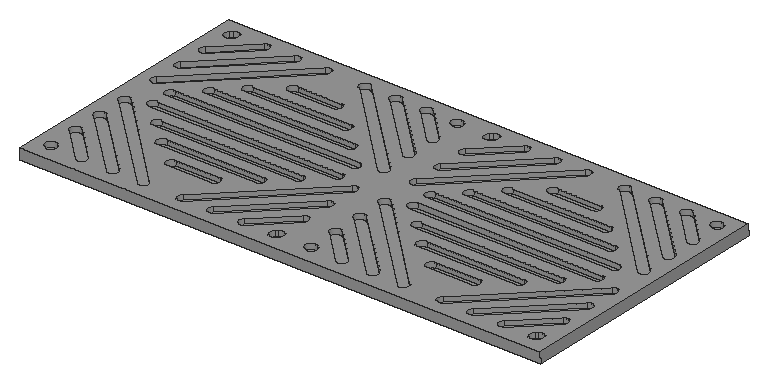
Revit family "dBA - 1 inch - Ceiling and Wall Panels 24x48", category Generic Models, Revit 2016
Family settings
  Part Type = Normal
  Can host rebar = No
  Round Connector Dimension = Use Diameter
  Work Plane-Based = Yes
  Always vertical = No
  Cut with Voids When Loaded = No
  Shared = No
  Room Calculation Point = No
Parameters (values of type "Charcoal")
  URL = "https://www.acousticalsurfaces.com/sound-silencer/dba-ceiling-wall-panel/"
  Material = "Sound Silencer dBA"
  Manufacturer = "Acoustical Surfaces, Inc."
  Finish = dBA - Charcoal
  Default Elevation = 4' - 0"
Types (2): name | Finish
  Charcoal | dBA - Charcoal
  White | dBA - White
Reference planes (in)
  plane 1 "Center (Front/Back)": y = 0
  plane 2: z = 0
  plane 3 "Center (Left/Right)": x = 0
Forms (in)
  Extrusion 1, solid, material "dBA - Charcoal" <- "Finish"
    sketch origin (-12, 0, 0) x (1, 0, 0) y (0, 1, 0)
      loop
        line (12, 12) -> (-12, 12) -> (-12, -12) -> (12, -12) -> (12, 12)
    from 0 to 0.5625
  Extrusion 2, solid, material "dBA - Charcoal" <- "Finish"
    sketch origin (-12, 0, 0.5625) x (1, 0, 0) y (0, 1, 0)
      loop
        line (12, 12) -> (-12, 12) -> (-12, -12) -> (12, -12) -> (12, 12)
      loop
        arc (-10.14645, -9.96967) -> (-10.85355, -9.96967) -> (-10.85355, -10.67678) r 0.5
        line (-10.85355, -10.67678) -> (-10.67678, -10.85355)
        arc (-10.67678, -10.85355) -> (-9.96967, -10.85355) -> (-9.96967, -10.14645) r 0.5
        line (-9.96967, -10.14645) -> (-10.14645, -9.96967)
      loop
        arc (-7.84835, -10.85355) -> (-7.14124, -10.85355) -> (-7.14124, -10.14645) r 0.5
        line (-7.14124, -10.14645) -> (-10.14645, -7.14124)
        arc (-10.14645, -7.14124) -> (-10.85355, -7.14124) -> (-10.85355, -7.84835) r 0.5
        line (-10.85355, -7.84835) -> (-7.84835, -10.85355)
      loop
        arc (-5.01992, -10.85355) -> (-4.31282, -10.85355) -> (-4.31282, -10.14645) r 0.5
        line (-4.31282, -10.14645) -> (-10.14645, -4.31282)
        arc (-10.14645, -4.31282) -> (-10.85355, -4.31282) -> (-10.85355, -5.01992) r 0.5
        line (-10.85355, -5.01992) -> (-5.01992, -10.85355)
      loop
        arc (-2.1915, -10.85355) -> (-1.48439, -10.85355) -> (-1.48439, -10.14645) r 0.5
        line (-1.48439, -10.14645) -> (-10.14645, -1.48439)
        arc (-10.14645, -1.48439) -> (-10.85355, -1.48439) -> (-10.85355, -2.1915) r 0.5
        line (-10.85355, -2.1915) -> (-2.1915, -10.85355)
      loop
        arc (2, -7.5) -> (2.5, -7) -> (2, -6.5) r 0.5
        line (2, -6.5) -> (-2, -6.5)
        arc (-2, -6.5) -> (-2.5, -7) -> (-2, -7.5) r 0.5
        line (-2, -7.5) -> (2, -7.5)
      loop
        arc (4.5, -5.5) -> (5, -5) -> (4.5, -4.5) r 0.5
        line (4.5, -4.5) -> (-4.5, -4.5)
        arc (-4.5, -4.5) -> (-5, -5) -> (-4.5, -5.5) r 0.5
        line (-4.5, -5.5) -> (4.5, -5.5)
      loop
        arc (6.5, -3.5) -> (7, -3) -> (6.5, -2.5) r 0.5
        line (6.5, -2.5) -> (-6.5, -2.5)
        arc (-6.5, -2.5) -> (-7, -3) -> (-6.5, -3.5) r 0.5
        line (-6.5, -3.5) -> (6.5, -3.5)
      loop
        arc (8.5, -1.5) -> (9, -1) -> (8.5, -0.5) r 0.5
        line (8.5, -0.5) -> (-8.5, -0.5)
        arc (-8.5, -0.5) -> (-9, -1) -> (-8.5, -1.5) r 0.5
        line (-8.5, -1.5) -> (8.5, -1.5)
      loop
        arc (8.5, 0.5) -> (9, 1) -> (8.5, 1.5) r 0.5
        line (8.5, 1.5) -> (-8.5, 1.5)
        arc (-8.5, 1.5) -> (-9, 1) -> (-8.5, 0.5) r 0.5
        line (-8.5, 0.5) -> (8.5, 0.5)
      loop
        arc (6.5, 2.5) -> (7, 3) -> (6.5, 3.5) r 0.5
        line (6.5, 3.5) -> (-6.5, 3.5)
        arc (-6.5, 3.5) -> (-7, 3) -> (-6.5, 2.5) r 0.5
        line (-6.5, 2.5) -> (6.5, 2.5)
      loop
        arc (4.5, 4.5) -> (5, 5) -> (4.5, 5.5) r 0.5
        line (4.5, 5.5) -> (-4.5, 5.5)
        arc (-4.5, 5.5) -> (-5, 5) -> (-4.5, 4.5) r 0.5
        line (-4.5, 4.5) -> (4.5, 4.5)
      loop
        line (-2, 6.5) -> (2, 6.5)
        arc (2, 6.5) -> (2.5, 7) -> (2, 7.5) r 0.5
        line (2, 7.5) -> (-2, 7.5)
        arc (-2, 7.5) -> (-2.5, 7) -> (-2, 6.5) r 0.5
      loop
        arc (-1.48439, 10.14645) -> (-1.48439, 10.85355) -> (-2.1915, 10.85355) r 0.5
        line (-2.1915, 10.85355) -> (-10.85355, 2.1915)
        arc (-10.85355, 2.1915) -> (-10.85355, 1.48439) -> (-10.14645, 1.48439) r 0.5
        line (-10.14645, 1.48439) -> (-1.48439, 10.14645)
      loop
        arc (-4.31282, 10.14645) -> (-4.31282, 10.85355) -> (-5.01992, 10.85355) r 0.5
        line (-5.01992, 10.85355) -> (-10.85355, 5.01992)
        arc (-10.85355, 5.01992) -> (-10.85355, 4.31282) -> (-10.14645, 4.31282) r 0.5
        line (-10.14645, 4.31282) -> (-4.31282, 10.14645)
      loop
        arc (-7.14124, 10.14645) -> (-7.14124, 10.85355) -> (-7.84835, 10.85355) r 0.5
        line (-7.84835, 10.85355) -> (-10.85355, 7.84835)
        arc (-10.85355, 7.84835) -> (-10.85355, 7.14124) -> (-10.14645, 7.14124) r 0.5
        line (-10.14645, 7.14124) -> (-7.14124, 10.14645)
      loop
        line (-10.14645, 9.96967) -> (-9.96967, 10.14645)
        arc (-9.96967, 10.14645) -> (-9.96967, 10.85355) -> (-10.67678, 10.85355) r 0.5
        line (-10.67678, 10.85355) -> (-10.85355, 10.67678)
        arc (-10.85355, 10.67678) -> (-10.85355, 9.96967) -> (-10.14645, 9.96967) r 0.5
      loop
        arc (10.14645, 1.48439) -> (10.85355, 1.48439) -> (10.85355, 2.1915) r 0.5
        line (10.85355, 2.1915) -> (2.1915, 10.85355)
        arc (2.1915, 10.85355) -> (1.48439, 10.85355) -> (1.48439, 10.14645) r 0.5
        line (1.48439, 10.14645) -> (10.14645, 1.48439)
      loop
        arc (10.14645, 4.31282) -> (10.85355, 4.31282) -> (10.85355, 5.01992) r 0.5
        line (10.85355, 5.01992) -> (5.01992, 10.85355)
        arc (5.01992, 10.85355) -> (4.31282, 10.85355) -> (4.31282, 10.14645) r 0.5
        line (4.31282, 10.14645) -> (10.14645, 4.31282)
      loop
        arc (10.14645, 7.14124) -> (10.85355, 7.14124) -> (10.85355, 7.84835) r 0.5
        line (10.85355, 7.84835) -> (7.84835, 10.85355)
        arc (7.84835, 10.85355) -> (7.14124, 10.85355) -> (7.14124, 10.14645) r 0.5
        line (7.14124, 10.14645) -> (10.14645, 7.14124)
      loop
        arc (10.14645, 9.96967) -> (10.85355, 9.96967) -> (10.85355, 10.67678) r 0.5
        line (10.85355, 10.67678) -> (10.67678, 10.85355)
        arc (10.67678, 10.85355) -> (9.96967, 10.85355) -> (9.96967, 10.14645) r 0.5
        line (9.96967, 10.14645) -> (10.14645, 9.96967)
      loop
        arc (1.48439, -10.14645) -> (1.48439, -10.85355) -> (2.1915, -10.85355) r 0.5
        line (2.1915, -10.85355) -> (10.85355, -2.1915)
        arc (10.85355, -2.1915) -> (10.85355, -1.48439) -> (10.14645, -1.48439) r 0.5
        line (10.14645, -1.48439) -> (1.48439, -10.14645)
      loop
        arc (4.31282, -10.14645) -> (4.31282, -10.85355) -> (5.01992, -10.85355) r 0.5
        line (5.01992, -10.85355) -> (10.85355, -5.01992)
        arc (10.85355, -5.01992) -> (10.85355, -4.31282) -> (10.14645, -4.31282) r 0.5
        line (10.14645, -4.31282) -> (4.31282, -10.14645)
      loop
        arc (7.14124, -10.14645) -> (7.14124, -10.85355) -> (7.84835, -10.85355) r 0.5
        line (7.84835, -10.85355) -> (10.85355, -7.84835)
        arc (10.85355, -7.84835) -> (10.85355, -7.14124) -> (10.14645, -7.14124) r 0.5
        line (10.14645, -7.14124) -> (7.14124, -10.14645)
      loop
        arc (9.96967, -10.14645) -> (9.96967, -10.85355) -> (10.67678, -10.85355) r 0.5
        line (10.67678, -10.85355) -> (10.85355, -10.67678)
        arc (10.85355, -10.67678) -> (10.85355, -9.96967) -> (10.14645, -9.96967) r 0.5
        line (10.14645, -9.96967) -> (9.96967, -10.14645)
    from 0 to 0.4375
  Extrusion 3, solid, material "dBA - Charcoal" <- "Finish"
    sketch origin (12, 0, 0) x (1, 0, 0) y (0, 1, 0)
      loop
        line (12, 12) -> (-12, 12) -> (-12, -12) -> (12, -12) -> (12, 12)
    from 0 to 0.5625
  Extrusion 4, solid, material "dBA - Charcoal" <- "Finish"
    sketch origin (12, 0, 0.5625) x (1, 0, 0) y (0, 1, 0)
      loop
        line (12, 12) -> (-12, 12) -> (-12, -12) -> (12, -12) -> (12, 12)
      loop
        arc (-10.14645, -9.96967) -> (-10.85355, -9.96967) -> (-10.85355, -10.67678) r 0.5
        line (-10.85355, -10.67678) -> (-10.67678, -10.85355)
        arc (-10.67678, -10.85355) -> (-9.96967, -10.85355) -> (-9.96967, -10.14645) r 0.5
        line (-9.96967, -10.14645) -> (-10.14645, -9.96967)
      loop
        arc (-7.84835, -10.85355) -> (-7.14124, -10.85355) -> (-7.14124, -10.14645) r 0.5
        line (-7.14124, -10.14645) -> (-10.14645, -7.14124)
        arc (-10.14645, -7.14124) -> (-10.85355, -7.14124) -> (-10.85355, -7.84835) r 0.5
        line (-10.85355, -7.84835) -> (-7.84835, -10.85355)
      loop
        arc (-5.01992, -10.85355) -> (-4.31282, -10.85355) -> (-4.31282, -10.14645) r 0.5
        line (-4.31282, -10.14645) -> (-10.14645, -4.31282)
        arc (-10.14645, -4.31282) -> (-10.85355, -4.31282) -> (-10.85355, -5.01992) r 0.5
        line (-10.85355, -5.01992) -> (-5.01992, -10.85355)
      loop
        arc (-2.1915, -10.85355) -> (-1.48439, -10.85355) -> (-1.48439, -10.14645) r 0.5
        line (-1.48439, -10.14645) -> (-10.14645, -1.48439)
        arc (-10.14645, -1.48439) -> (-10.85355, -1.48439) -> (-10.85355, -2.1915) r 0.5
        line (-10.85355, -2.1915) -> (-2.1915, -10.85355)
      loop
        arc (2, -7.5) -> (2.5, -7) -> (2, -6.5) r 0.5
        line (2, -6.5) -> (-2, -6.5)
        arc (-2, -6.5) -> (-2.5, -7) -> (-2, -7.5) r 0.5
        line (-2, -7.5) -> (2, -7.5)
      loop
        arc (4.5, -5.5) -> (5, -5) -> (4.5, -4.5) r 0.5
        line (4.5, -4.5) -> (-4.5, -4.5)
        arc (-4.5, -4.5) -> (-5, -5) -> (-4.5, -5.5) r 0.5
        line (-4.5, -5.5) -> (4.5, -5.5)
      loop
        arc (6.5, -3.5) -> (7, -3) -> (6.5, -2.5) r 0.5
        line (6.5, -2.5) -> (-6.5, -2.5)
        arc (-6.5, -2.5) -> (-7, -3) -> (-6.5, -3.5) r 0.5
        line (-6.5, -3.5) -> (6.5, -3.5)
      loop
        arc (8.5, -1.5) -> (9, -1) -> (8.5, -0.5) r 0.5
        line (8.5, -0.5) -> (-8.5, -0.5)
        arc (-8.5, -0.5) -> (-9, -1) -> (-8.5, -1.5) r 0.5
        line (-8.5, -1.5) -> (8.5, -1.5)
      loop
        arc (8.5, 0.5) -> (9, 1) -> (8.5, 1.5) r 0.5
        line (8.5, 1.5) -> (-8.5, 1.5)
        arc (-8.5, 1.5) -> (-9, 1) -> (-8.5, 0.5) r 0.5
        line (-8.5, 0.5) -> (8.5, 0.5)
      loop
        arc (6.5, 2.5) -> (7, 3) -> (6.5, 3.5) r 0.5
        line (6.5, 3.5) -> (-6.5, 3.5)
        arc (-6.5, 3.5) -> (-7, 3) -> (-6.5, 2.5) r 0.5
        line (-6.5, 2.5) -> (6.5, 2.5)
      loop
        arc (4.5, 4.5) -> (5, 5) -> (4.5, 5.5) r 0.5
        line (4.5, 5.5) -> (-4.5, 5.5)
        arc (-4.5, 5.5) -> (-5, 5) -> (-4.5, 4.5) r 0.5
        line (-4.5, 4.5) -> (4.5, 4.5)
      loop
        line (-2, 6.5) -> (2, 6.5)
        arc (2, 6.5) -> (2.5, 7) -> (2, 7.5) r 0.5
        line (2, 7.5) -> (-2, 7.5)
        arc (-2, 7.5) -> (-2.5, 7) -> (-2, 6.5) r 0.5
      loop
        arc (-1.48439, 10.14645) -> (-1.48439, 10.85355) -> (-2.1915, 10.85355) r 0.5
        line (-2.1915, 10.85355) -> (-10.85355, 2.1915)
        arc (-10.85355, 2.1915) -> (-10.85355, 1.48439) -> (-10.14645, 1.48439) r 0.5
        line (-10.14645, 1.48439) -> (-1.48439, 10.14645)
      loop
        arc (-4.31282, 10.14645) -> (-4.31282, 10.85355) -> (-5.01992, 10.85355) r 0.5
        line (-5.01992, 10.85355) -> (-10.85355, 5.01992)
        arc (-10.85355, 5.01992) -> (-10.85355, 4.31282) -> (-10.14645, 4.31282) r 0.5
        line (-10.14645, 4.31282) -> (-4.31282, 10.14645)
      loop
        arc (-7.14124, 10.14645) -> (-7.14124, 10.85355) -> (-7.84835, 10.85355) r 0.5
        line (-7.84835, 10.85355) -> (-10.85355, 7.84835)
        arc (-10.85355, 7.84835) -> (-10.85355, 7.14124) -> (-10.14645, 7.14124) r 0.5
        line (-10.14645, 7.14124) -> (-7.14124, 10.14645)
      loop
        line (-10.14645, 9.96967) -> (-9.96967, 10.14645)
        arc (-9.96967, 10.14645) -> (-9.96967, 10.85355) -> (-10.67678, 10.85355) r 0.5
        line (-10.67678, 10.85355) -> (-10.85355, 10.67678)
        arc (-10.85355, 10.67678) -> (-10.85355, 9.96967) -> (-10.14645, 9.96967) r 0.5
      loop
        arc (10.14645, 1.48439) -> (10.85355, 1.48439) -> (10.85355, 2.1915) r 0.5
        line (10.85355, 2.1915) -> (2.1915, 10.85355)
        arc (2.1915, 10.85355) -> (1.48439, 10.85355) -> (1.48439, 10.14645) r 0.5
        line (1.48439, 10.14645) -> (10.14645, 1.48439)
      loop
        arc (10.14645, 4.31282) -> (10.85355, 4.31282) -> (10.85355, 5.01992) r 0.5
        line (10.85355, 5.01992) -> (5.01992, 10.85355)
        arc (5.01992, 10.85355) -> (4.31282, 10.85355) -> (4.31282, 10.14645) r 0.5
        line (4.31282, 10.14645) -> (10.14645, 4.31282)
      loop
        arc (10.14645, 7.14124) -> (10.85355, 7.14124) -> (10.85355, 7.84835) r 0.5
        line (10.85355, 7.84835) -> (7.84835, 10.85355)
        arc (7.84835, 10.85355) -> (7.14124, 10.85355) -> (7.14124, 10.14645) r 0.5
        line (7.14124, 10.14645) -> (10.14645, 7.14124)
      loop
        arc (10.14645, 9.96967) -> (10.85355, 9.96967) -> (10.85355, 10.67678) r 0.5
        line (10.85355, 10.67678) -> (10.67678, 10.85355)
        arc (10.67678, 10.85355) -> (9.96967, 10.85355) -> (9.96967, 10.14645) r 0.5
        line (9.96967, 10.14645) -> (10.14645, 9.96967)
      loop
        arc (1.48439, -10.14645) -> (1.48439, -10.85355) -> (2.1915, -10.85355) r 0.5
        line (2.1915, -10.85355) -> (10.85355, -2.1915)
        arc (10.85355, -2.1915) -> (10.85355, -1.48439) -> (10.14645, -1.48439) r 0.5
        line (10.14645, -1.48439) -> (1.48439, -10.14645)
      loop
        arc (4.31282, -10.14645) -> (4.31282, -10.85355) -> (5.01992, -10.85355) r 0.5
        line (5.01992, -10.85355) -> (10.85355, -5.01992)
        arc (10.85355, -5.01992) -> (10.85355, -4.31282) -> (10.14645, -4.31282) r 0.5
        line (10.14645, -4.31282) -> (4.31282, -10.14645)
      loop
        arc (7.14124, -10.14645) -> (7.14124, -10.85355) -> (7.84835, -10.85355) r 0.5
        line (7.84835, -10.85355) -> (10.85355, -7.84835)
        arc (10.85355, -7.84835) -> (10.85355, -7.14124) -> (10.14645, -7.14124) r 0.5
        line (10.14645, -7.14124) -> (7.14124, -10.14645)
      loop
        arc (9.96967, -10.14645) -> (9.96967, -10.85355) -> (10.67678, -10.85355) r 0.5
        line (10.67678, -10.85355) -> (10.85355, -10.67678)
        arc (10.85355, -10.67678) -> (10.85355, -9.96967) -> (10.14645, -9.96967) r 0.5
        line (10.14645, -9.96967) -> (9.96967, -10.14645)
    from 0 to 0.4375
Cuts and joins
  joined: Extrusion 1, Extrusion 2, Extrusion 3, Extrusion 4
Dimensions and locks (in)
  aligned and locked: level to plane 2
